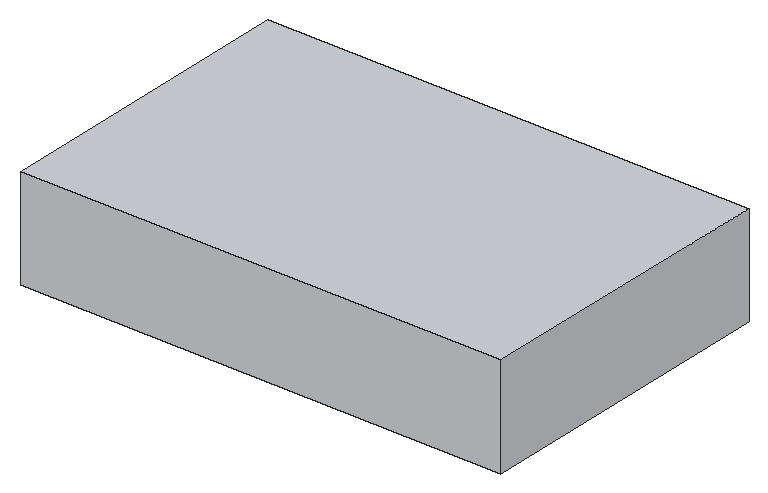
Revit family "族1", category 常规模型, Revit 2019
Family settings
  可将钢筋附着到主体 = 否
  圆形连接件大小 = 使用直径
  零件类型 = 标准
  基于工作平面 = 否
  总是垂直 = 是
  加载时剪切的空心 = 否
  共享 = 否
  房间计算点 = 否
Reference planes
  plane 1 "中心(前/后)": y = 0
  plane 2: z = 0
  plane 3 "中心(左/右)": x = 0
Forms (mm)
  Extrusion 1, solid
    sketch origin (0, 0, 0) x (1, 0, 0) y (0, 1, 0)
      loop
        line (0, 0) -> (0, -760) -> (1180, -760) -> (1180, 0) -> (0, 0)
    from 0 to 250
Dimensions and locks
  aligned and locked: level to plane 2
